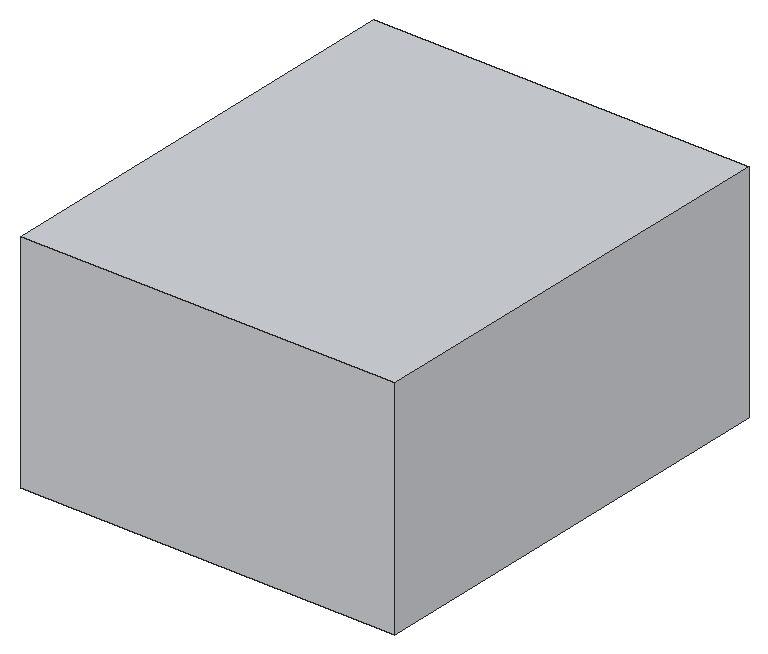
Revit family "Family3", category Generic Models, host Face, Revit 2025
Family settings
  Host = Face
  Can host rebar = No
  Round Connector Dimension = Use Diameter
  Part Type = Normal
  Cut with Voids When Loaded = No
  Maintain Annotation Orientation = No
  Shared = No
  Room Calculation Point = No
Parameters
  Default Elevation = 48"
Reference planes (in)
  plane 1 "Center (Front/Back)": y = 0
  plane 2: z = 0
  plane 3 "Center (Left/Right)": x = 0
  plane 4: z = 54.25
Forms (in)
  Extrusion 1, solid
    sketch origin (0, 0, 0) x (1, 0, 0) y (0, 1, 0)
      loop
        line (-45.0625, 53.25) -> (-45.0625, -53.25) -> (45.0625, -53.25) -> (45.0625, 53.25) -> (-45.0625, 53.25)
    from 0 to 54.25
Dimensions and locks (in)
  equal spacing: Extrusion 1 sketch curve, plane 3 "Center (Left/Right)", Extrusion 1 sketch curve
  equal spacing: Extrusion 1 sketch curve, plane 1 "Center (Front/Back)", Extrusion 1 sketch curve
  plane 3 "Center (Left/Right)" to Extrusion 1 sketch curve = 45 1/16"
  Extrusion 1 sketch curve to Extrusion 1 sketch curve = 90 1/8"
  plane 1 "Center (Front/Back)" to Extrusion 1 sketch curve = 53 1/4"
  Extrusion 1 sketch curve to Extrusion 1 sketch curve = 106 1/2"
  plane 4 to plane 2 = 54 1/4"
  aligned and locked: plane 2 to host face
  aligned and locked: level to host face
  aligned and locked: plane 4 to Extrusion 1
